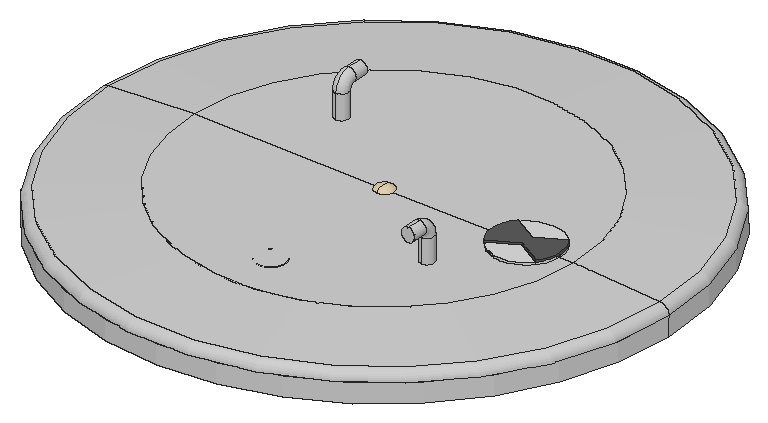
Revit family "Lifelight Pro Recessed Emergency_Hosted_R16", category Lighting Fixtures, host Face, Revit 2016
Family settings
  Host = Face
  Part Type = Normal
  Round Connector Dimension = Use Diameter
  Cut with Voids When Loaded = No
  Light Source = Yes
  Shared = No
  Room Calculation Point = No
Parameters (values of type "ZLIFE-PRO-DATA")
  Zoneworks Node = "P/N: 8001455, Zoneworks DATA Node"
  Wattage = 4 W
  built-in parameter 1150110 = 1 (stored number, unit not read)
  built-in parameter 1114217 = 1 (stored number, unit not read)
  Tilt Angle = -90.00°
  Testing System = "Zoneworks DATA Testing"
  built-in parameter 1150109 = 1 (stored number, unit not read)
  built-in parameter 1150134 = 3
  built-in parameter 1150113 = 1 (stored number, unit not read)
  Square Head = not(Round Head)  # no
  Round Head = yes
  Power Consumption = 2.1 W
  Photometric Web File = "LIFELIGHT PRO.ies"
  Operating Voltage = 240 V
  Operating Temperature = "0C to 40C (Ambient)"
  Operating Mode = "Non-Maintained"
  Mounting = "Recessed"
  Model = "ZLIFE-PRO-SMS"
  Manufacturer = "Clevertronics"
  built-in parameter 1150105 = 17.507 (stored number, unit not read)
  Lumens = 220 lm
  built-in parameter 1150115 = 1 (stored number, unit not read)
  built-in parameter 1150137 = (empty or 0)
  built-in parameter 1150139 = (empty or 0)
  Length = 60 mm
  built-in parameter 1150112 = 1 (stored number, unit not read)
  built-in parameter 1150114 = 1 (stored number, unit not read)
  Lamp = "2 x 3W LED (Lifetime warranty on the lamp head and loom assembly) No dome cover required"
  Inverter Board = "P/N: 8002070, PCA Zoneworks Compatible"
  built-in parameter 1150132 = (empty or 0)
  built-in parameter 1150102 = (empty or 0)
  built-in parameter 1150107 = 3200 (stored number, unit not read)
  built-in parameter 1150138 = (empty or 0)
  built-in parameter 1150106 = 0.17507 (stored number, unit not read)
  built-in parameter 1150104 = 5.1097 (stored number, unit not read)
  Dimming Lamp Color Temperature Shift = <None>
  Diffuser = "N/A"
  Description = "Lifelight Pro, High Performance, Recessed Emergency Light"
  Default Elevation = 1219.2 mm
  Content Disclaimer = ""
  Colour = Plastic - Polycarbonate - White
  Color Filter = 16777215
  Charging Method = "Dual-rate "
  Battery = "P/N: 1510170, 4 C Cell NiCad Battery Pk. 4.8V 1.8 Ah"
  built-in parameter 1114218 = 1 (stored number, unit not read)
  Ballast = "Electronic"
  built-in parameter 1150133 = 10 (stored number, unit not read)
  Apparent Load = 2.1 W
  Adaptor Plate [instance] = Lifelight Pro Adaptor Ring : None
  AS2293 = "C0=D63, C90=D63"
Types (16, lengths in mm): name | Zoneworks Node | Testing System | Power Consumption | Operating Temperature | Inverter Board | Charging Method | Battery
  (no name) | "P/N: 8001455, Zoneworks DATA Node" | "Zoneworks DATA Testing" | 2.1 W | "0C to 40C (Ambient)" | "P/N: 8002070, PCA Zoneworks Compatible" | "Dual-rate " | "P/N: 1510170, 4 C Cell NiCad Battery Pk. 4.8V 1.8 Ah"
  ZLIFE-PRO | "P/N: 8001450, Zoneworks Powerline Node" | "Zoneworks Computerised Testing " | 2.1 W | "0C to 40C (Ambient)" | "P/N: 8002070, PCA Zoneworks Compatible" | "Dual-rate " | "P/N: 1510170, 4 C Cell NiCad Battery Pk. 4.8V 1.8 Ah"
  CLIFE-PRO-ZW | "P/N: 8001450, Zoneworks Powerline Node" | "Zoneworks Computerised Testing " | 0.7 W | "1C to 40C (Ambient)" | "P/N: 8002390, PCA Zoneworks Compatible" | "Intelligent current limited constant current" | "P/N: 1550230, 3.2V 6400mAh, 200mm Lead"
  CLIFE-PRO-CT | "P/N: 8001750, Clevertest Node" | "Clevertest" | 0.7 W | "1C to 40C (Ambient)" | "P/N: 8002390, PCA Zoneworks Compatible" | "Intelligent current limited constant current" | "P/N: 1550230, 3.2V 6400mAh, 200mm Lead"
  CLIFE-PRO-DATA | "P/N: 8001455, Zoneworks DATA Node" | "Zoneworks DATA Testing" | 0.7 W | "1C to 40C (Ambient)" | "P/N: 8002390, PCA Zoneworks Compatible" | "Intelligent current limited constant current" | "P/N: 1550230, 3.2V 6400mAh, 200mm Lead"
  CLIFE-PRO-DALI | "P/N: 8002200, DALI Node" | "DALI Compatible Testing" | 0.7 W | "1C to 40C (Ambient)" | "P/N: 8002390, PCA Zoneworks Compatible" | "Intelligent current limited constant current" | "P/N: 1550230, 3.2V 6400mAh, 200mm Lead"
  CLIFE-PRO | "" | "Manual Test Switch" | 0.4 W | "1C to 40C (Ambient)" | "P/N: 8002390, PCA Zoneworks Compatible" | "Intelligent current limited constant current" | "P/N: 1550230, 3.2V 6400mAh, 200mm Lead"
  LLIFE-PRO | "" | "Manual Test Switch" | 0.4 W | "1C to 40C (Ambient)" | "P/N: 8002390, PCA Zoneworks Compatible" | "Intelligent current limited constant current" | "P/N: 1530230, 3.3V 5000mAh, 200mm Lead"
  LLIFE-PRO-CT | "P/N: 8001750, Clevertest Node" | "Clevertest" | 0.7 W | "1C to 40C (Ambient)" | "P/N: 8002390, PCA Zoneworks Compatible" | "Intelligent current limited constant current" | "P/N: 1530230, 3.3V 5000mAh, 200mm Lead"
  LLIFE-PRO-DALI | "P/N: 8002200, DALI Node" | "DALI Compatible Testing" | 0.7 W | "1C to 40C (Ambient)" | "P/N: 8002390, PCA Zoneworks Compatible" | "Intelligent current limited constant current" | "P/N: 1530230, 3.3V 5000mAh, 200mm Lead"
  LLIFE-PRO-DATA | "P/N: 8001455, Zoneworks DATA Node" | "Zoneworks DATA Testing" | 0.7 W | "1C to 40C (Ambient)" | "P/N: 8002390, PCA Zoneworks Compatible" | "Intelligent current limited constant current" | "P/N: 1530230, 3.3V 5000mAh, 200mm Lead"
  LLIFE-PRO-ZW | "P/N: 8001450, Zoneworks Powerline Node" | "Zoneworks Computerised Testing " | 0.7 W | "1C to 40C (Ambient)" | "P/N: 8002390, PCA Zoneworks Compatible" | "Intelligent current limited constant current" | "P/N: 1530230, 3.3V 5000mAh, 200mm Lead"
  DLIFE-PRO | "P/N: 8001730, Clevertest Node" | "Clevertest" | 2.1 W | "0C to 40C (Ambient)" | "P/N: 8002070, PCA Zoneworks Compatible" | "Dual-rate " | "P/N: 1510170, 4 C Cell NiCad Battery Pk. 4.8V 1.8 Ah"
  PLIFE-PRO | "" | "Manual Test Switch" | 1.8 W | "0C to 40C (Ambient)" | "P/N: 8002070, PCA Zoneworks Compatible" | "Dual-rate " | "P/N: 1510170, 4 C Cell NiCad Battery Pk. 4.8V 1.8 Ah"
  ZLIFE-PRO-DATA | "P/N: 8001455, Zoneworks DATA Node" | "Zoneworks DATA Testing" | 2.1 W | "0C to 40C (Ambient)" | "P/N: 8002070, PCA Zoneworks Compatible" | "Dual-rate " | "P/N: 1510170, 4 C Cell NiCad Battery Pk. 4.8V 1.8 Ah"
  ZLIFE-PRO-DALI | "P/N: 8002200, Zoneworks DALI Node" | "Zoneworks DATA Testing" | 2.1 W | "0C to 40C (Ambient)" | "P/N: 8002070, PCA Zoneworks Compatible" | "Dual-rate " | "P/N: 1510170, 4 C Cell NiCad Battery Pk. 4.8V 1.8 Ah"
Reference planes
  plane 1 "Center (Front/Back)": y = 0
  plane 2: z = 0
  plane 3 "Center (Left/Right)": x = 0
  plane 4 "Pins": through (0.022, 0.026, 1219.2) normal (-0.5736, -0.8192, 0)
  plane 5: z = 3.5
  plane 6: x = 30
  plane 7: x = 47
  plane 8: z = 3.7
  plane 9: z = 3.9
  plane 10: x = -30
  plane 11: x = 30
  plane 12: z = 3
  plane 13: x = -28.5
  plane 14: x = 28.5
  plane 15: z = -1.5
  plane 16: y = 7.5
  plane 17: y = -7.5
  plane 18: x = -30
  plane 19: y = 30
  plane 20: y = -30
  plane 21: z = 1.75
  plane 22: z = 2.625
Forms (mm)
  Revolve 1, solid, material "Plastic - Polycarbonate - White" <- "Colour", visible <- "Round Head", detail levels fine
    sketch origin (0, 0, 55) x (1, 0, 0) y (0, 0, 1)
      loop
        line (20, -51.5) -> (0, -51.5) -> (0, -55) -> (30, -55) -> (30, -53.047)
        arc (30, -53.047) -> (29.728, -52.361) -> (29.06, -52.048) r 1
        line (29.06, -52.048) -> (20, -51.5)
      axis (0, -51.5) -> (0, -55)
    angle from 0 to 360
  Extrusion 2, solid, material "Plastic - Polycarbonate - Ivory", visible <- "Round Head", detail levels fine
    sketch origin (0, 0, 55) x (1, 0, 0) y (0, 1, 0)
      loop
        circle (0, -15) r 1.5
    from -52 to -51.5
  Revolve 3, solid, material "Plastic - Polycarbonate - Ivory", visible <- "Round Head", detail levels fine
    sketch origin (0, 0, 55) x (0, 1, 0) y (0, 0, 1)
      loop
        line (0, -52) -> (0, -51.15)
        arc (0, -51.15) -> (-0.778, -51.349) -> (-1.25, -52) r 1.183
        line (-1.25, -52) -> (0, -52)
      axis (0, -51.15) -> (0, -52.15)
    angle from 0 to 360
  Extrusion 4, solid, material "Plastic - Polycarbonate - Grey", visible <- "Round Head", detail levels fine
    sketch origin (-5, 0, 55) x (1, 0, 0) y (0, 1, 0)
      loop
        circle (20, 0) r 3.5
    from -51.5 to -51.3
  Extrusion 5, solid, material "Plastic - Polycarbonate - Black", visible <- "Round Head", detail levels fine
    sketch origin (-5, 0, 55) x (1, 0, 0) y (0, 1, 0)
      loop
        line (20, 0.648) -> (17.289, 2.214)
        arc (17.289, 2.214) -> (16.5, 0) -> (17.289, -2.214) r 3.5
        line (17.289, -2.214) -> (20, -0.648) -> (22.711, -2.214)
        arc (22.711, -2.214) -> (23.5, 0) -> (22.711, 2.214) r 3.5
        line (22.711, 2.214) -> (20, 0.648)
    from -51.3 to -51.1
  Sweep 6, solid, material "Plastic - Polycarbonate - White", visible <- "Round Head", detail levels fine
    path origin (-10.321, -5.355, 55) x (0, -1, 0) y (0, 0, -1)
      loop
        line (-12.619, 51.5) -> (-12.619, 49)
        arc (-12.619, 49) -> (-12.912, 48.293) -> (-13.619, 48) r 1
        line (-13.619, 48) -> (-15.119, 48)
    profile origin (-10.321, 7.264, 4.75) x (0, -1, 0) y (1, 0, 0)
      loop
        circle (0, 0) r 0.7
  Sweep 7, solid, material "Plastic - Polycarbonate - White", visible <- "Round Head", detail levels fine
    path origin (10.229, 5.377, 55) x (0, 1, 0) y (0, 0, -1)
      loop
        line (-12.619, 51.5) -> (-12.619, 49)
        arc (-12.619, 49) -> (-12.912, 48.293) -> (-13.619, 48) r 1
        line (-13.619, 48) -> (-15.119, 48)
    profile origin (10.229, -7.242, 4.75) x (0, 1, 0) y (-1, 0, 0)
      loop
        circle (0, -0.067) r 0.7
  Extrusion 8, solid, material "Plastic - Polycarbonate - White" <- "Colour", visible <- "Square Head", detail levels fine
    sketch origin (0, 0, 0) x (1, 0, 0) y (0, 1, 0)
      loop
        line (-30, 30) -> (-30, -30) -> (30, -30) -> (30, 30) -> (-30, 30)
      loop
        line (10, 7.5) -> (-10, 7.5) -> (-10, -7.5) -> (10, -7.5) -> (10, 7.5)
      loop
        line (-12, 0) -> (-12, 3.5) -> (-19, 3.5) -> (-19, -3.5) -> (-12, -3.5) -> (-12, 0)
      loop
        line (12, 0) -> (12, -3.5) -> (19, -3.5) -> (19, 3.5) -> (12, 3.5) -> (12, 0)
    from 1.75 to 3.5
  Extrusion 9, solid, material "Plastic - Polycarbonate - White" <- "Colour", visible <- "Square Head", detail levels fine
    sketch origin (0, 0, 0) x (1, 0, 0) y (0, 1, 0)
      loop
        line (-28.5, 28.5) -> (-28.5, -28.5) -> (28.5, -28.5) -> (28.5, 28.5) -> (-28.5, 28.5)
    from 0 to 1.75
  Extrusion 10, solid, material "Plastic - Polycarbonate - White" <- "Colour", visible <- "Square Head", detail levels fine
    sketch origin (0, 0, 0) x (1, 0, 0) y (0, 1, 0)
      loop
        circle (-4.014, 0) r 2.5
      loop
        circle (4.014, 0) r 2.5
      loop
        circle (15.5, 0) r 2.5
      loop
        circle (-15.5, 0) r 2.5
    from 1.75 to 2.625
Dimensions and locks
  locked: plane 3 "Center (Left/Right)" to plane 6 at 30
  locked: plane 7 to plane 3 "Center (Left/Right)" at 47
  plane 9 to plane 8 to plane 5 = 0.2 mm locked, 0.2 mm locked
  equal spacing: plane 10, plane 3 "Center (Left/Right)", plane 11
  "Length": plane 10 to plane 11
  locked: plane 5 to plane 12 at 0.5
  locked: plane 10 to plane 13 at 1.5
  locked: plane 14 to plane 11 at 1.5
  locked: plane 16 to plane 1 "Center (Front/Back)" at 7.5
  locked: plane 1 "Center (Front/Back)" to plane 17 at 7.5
  equal spacing: plane 18, plane 3 "Center (Left/Right)", plane 6
  equal spacing: plane 19, plane 1 "Center (Front/Back)", plane 20
  imposter light to plane 21 = 1.75 mm
  locked: plane 19 to Extrusion 9 sketch curve at 1.5
  locked: Extrusion 9 sketch curve to plane 6 at 1.5
  locked: plane 20 to Extrusion 9 sketch curve at 1.5
  locked: plane 18 to Extrusion 9 sketch curve at 1.5
  equal spacing: plane 5, plane 22, plane 21
  aligned and locked: plane 2 to host face
  aligned and locked: level to host face
  aligned and locked: plane 3 "Center (Left/Right)" to nested 1
  aligned and locked: plane 1 "Center (Front/Back)" to nested 1
  aligned and locked: Extrusion 2 to plane 5
  aligned and locked: plane 5 to Extrusion 4
  aligned: plane 8 to Extrusion 4
  aligned and locked: plane 8 to Extrusion 4
  aligned and locked: Extrusion 5 to plane 8
  aligned and locked: plane 9 to Extrusion 5
  aligned and locked: Revolve 1 sketch curve to plane 5
  aligned and locked: Revolve 1 sketch curve to plane 3 "Center (Left/Right)"  (x2)
  aligned and locked: imposter light to plane 5
  aligned and locked: plane 18 to Extrusion 8 sketch curve
  aligned and locked: Extrusion 8 sketch curve to plane 19
  aligned and locked: plane 20 to Extrusion 8 sketch curve
  aligned and locked: plane 6 to Extrusion 8 sketch curve
  aligned and locked: Extrusion 8 to plane 5
  aligned and locked: Extrusion 8 to plane 21
  aligned: Extrusion 9 to plane 15
  aligned and locked: plane 21 to Extrusion 9
  aligned and locked: Extrusion 10 to plane 21
  aligned and locked: plane 22 to Extrusion 10
  aligned and locked: Extrusion 2 to plane 12
  aligned and locked: plane 11 to Revolve 1 sketch curve  (x2)
  aligned and locked: plane 1 "Center (Front/Back)" to nested 2
  aligned and locked: plane 3 "Center (Left/Right)" to nested 2
Automatic sketch dimensions
  host sketch curve to host sketch curve = 2438.4 mm  (x2)
  Extrusion 2 sketch curve to plane 3 "Center (Left/Right)" = 0 mm
  Extrusion 2 sketch curve to plane 17 = 7.5 mm
  Revolve 3 sketch curve to plane 12 = 0 mm
  Revolve 3 sketch curve to plane 1 "Center (Front/Back)" = 0 mm  (x2)
  plane 1 "Center (Front/Back)" to Revolve 3 sketch curve = 0.113 mm
  Revolve 3 sketch curve to Revolve 3 sketch curve = 1.137 mm
  Revolve 3 sketch curve to plane 12 = 0.327 mm
  plane 9 to Revolve 3 sketch curve = 0.964 mm
  Revolve 3 sketch curve to Revolve 3 sketch curve = 1.815 mm
  plane 1 "Center (Front/Back)" to Extrusion 4 sketch curve = 0 mm
  plane 3 "Center (Left/Right)" to Extrusion 4 sketch curve = 15 mm
  Extrusion 5 sketch curve to Extrusion 5 sketch curve = 0 mm  (x4)
  plane 1 "Center (Front/Back)" to Extrusion 5 sketch curve = 0 mm
  Extrusion 5 sketch curve to plane 1 "Center (Front/Back)" = 2.214 mm  (x2)
  plane 3 "Center (Left/Right)" to Extrusion 5 sketch curve = 12.289 mm
  plane 1 "Center (Front/Back)" to Extrusion 5 sketch curve = 2.214 mm  (x2)
  Extrusion 5 sketch curve to Extrusion 5 sketch curve = 2.711 mm  (x2)
  plane 1 "Center (Front/Back)" to Extrusion 5 sketch curve = 0.648 mm
  Extrusion 5 sketch curve to plane 1 "Center (Front/Back)" = 0.648 mm
  plane 5 to Sweep 6 sketch curve = 0 mm
  Sweep 6 sketch curve to plane 16 = 2.264 mm
  Sweep 6 sketch curve to plane 16 = 0.764 mm
  plane 16 to Sweep 6 sketch curve = 0.236 mm
  plane 9 to Sweep 6 sketch curve = 2.1 mm
  Sweep 6 sketch curve to profile plane = 0 mm  (x2)
  plane 5 to Sweep 7 sketch curve = 0 mm
  Sweep 7 sketch curve to plane 17 = 2.242 mm
  Sweep 7 sketch curve to plane 17 = 0.742 mm
  plane 17 to Sweep 7 sketch curve = 0.258 mm
  plane 9 to Sweep 7 sketch curve = 2.1 mm
  profile plane to Sweep 7 sketch curve = 0 mm
  Sweep 7 sketch curve to profile plane = 0.067 mm
  plane 1 "Center (Front/Back)" to Extrusion 8 sketch curve = 0 mm  (x2)
  Extrusion 8 sketch curve to plane 17 = 0 mm
  plane 16 to Extrusion 8 sketch curve = 0 mm
  plane 1 "Center (Front/Back)" to Extrusion 8 sketch curve = 3.5 mm  (x2)
  plane 18 to Extrusion 8 sketch curve = 11 mm
  Extrusion 8 sketch curve to Extrusion 8 sketch curve = 2 mm  (x2)
  Extrusion 8 sketch curve to plane 1 "Center (Front/Back)" = 3.5 mm
  Extrusion 8 sketch curve to Extrusion 8 sketch curve = 3.5 mm
  Extrusion 8 sketch curve to Extrusion 8 sketch curve = 7 mm  (x2)
  plane 3 "Center (Left/Right)" to Extrusion 8 sketch curve = 10 mm
  plane 1 "Center (Front/Back)" to Extrusion 10 sketch curve = 0 mm  (x4)
  plane 18 to Extrusion 10 sketch curve = 14.5 mm
  Extrusion 10 sketch curve to plane 3 "Center (Left/Right)" = 4.014 mm
  plane 3 "Center (Left/Right)" to Extrusion 10 sketch curve = 4.014 mm
  Extrusion 10 sketch curve to Extrusion 10 sketch curve = 11.486 mm
  Revolve 1 sketch curve to level = 0 mm
  plane 14 to Revolve 1 sketch curve = 8.5 mm
  plane 21 to Revolve 1 sketch curve = 0.203 mm
  Revolve 1 sketch curve to plane 14 = 0.5 mm
  Revolve 1 sketch curve to plane 12 = 0.048 mm
  plane 9 to Revolve 1 sketch curve = 4.883 mm
  Revolve 1 sketch curve to Revolve 1 sketch curve = 4.656 mm
  radius of Extrusion 2 sketch curve = 1.5 mm
  radius of Extrusion 4 sketch curve = 3.5 mm
  radius of Sweep 6 sketch curve = 0.7 mm
  radius of Sweep 7 sketch curve = 0.7 mm
  radius of Extrusion 10 sketch curve = 2.5 mm  (x4)
Nested families
  nested 1: "Emergency_Annotation" at (0, 0, 0), type "Standard", detail levels coarse+medium
  nested 2: "Lifelight Pro Adaptor Ring" at (0, 0, 0), type <- "Adaptor Plate", type "None", detail levels fine
Connectors
  electrical at (0, 0, 0), driven by "Power Consumption", driven by "Operating Voltage"
    settings: index 1, voltage 240 V, apparent load 0 W, apparent load phase1 2.1 W, apparent load phase2 0 W, apparent load phase3 0 W, power factor 1, load classification "Lighting", number of poles 1, system type 31, power factor state 1, is connector primary yes, connector utility no, sub classification motor no, connector description ""
Definition of nested family "Emergency_Annotation"
  Reference planes
    plane 1: y = 0
    plane 2: x = 0
  Lines and regions (mm)
    Masking region 1
      outline origin (0, 0, 0) x (1, 0, 0) y (0, 1, 0)
        loop
          line (0, 0) -> (1.061, 1.061)
          arc (1.061, 1.061) -> (0, 1.5) -> (-1.061, 1.061) r 1.5
          line (-1.061, 1.061) -> (0, 0)
    Masking region 2
      outline origin (0, 0, 0) x (0, -1, 0) y (1, 0, 0)
        loop
          line (0, 0) -> (1.061, -1.061)
          arc (1.061, -1.061) -> (1.5, 0) -> (1.061, 1.061) r 1.5
          line (1.061, 1.061) -> (0, 0)
    Filled region 1, type "Filled region 1"
      outline origin (0, 0, 0) x (1, 0, 0) y (0, 1, 0)
        loop
          arc (-1.061, 1.061) -> (-1.5, 0) -> (-1.061, -1.061) r 1.5
          line (-1.061, -1.061) -> (0, 0) -> (-1.061, 1.061)
    Filled region 2, type "Filled region 1"
      outline origin (0, 0, 0) x (0, 1, 0) y (-1, 0, 0)
        loop
          line (1.061, -1.061) -> (0, 0) -> (-1.061, -1.061)
          arc (-1.061, -1.061) -> (0, -1.5) -> (1.061, -1.061) r 1.5
  Dimensions and locks
    aligned and locked: plane 1 to Masking region 2 sketch curve
    aligned and locked: plane 2 to Masking region 2 sketch curve
    aligned and locked: plane 1 to Masking region 1 sketch curve
    aligned and locked: plane 2 to Masking region 1 sketch curve
    aligned and locked: plane 2 to Filled region 1 sketch curve
    aligned and locked: plane 1 to Filled region 1 sketch curve
    aligned and locked: plane 2 to Filled region 2 sketch curve
Definition of nested family "Lifelight Pro Adaptor Ring"
  Parameters
    Visibility = no
    Model = "LifeLIGHT PRO"
    Manufacturer = "Clevertronics"
    Description = "Lifelight Pro Adaptor Ring for retro-fitting into hole cut outs"
    Default Elevation = 1219.2 mm
    Cut-out Length = 47.5 mm
    Content Disclaimer = ""
    Colour = none
    Assembly Code = ""
  Reference planes
    plane 1 "Center (Front/Back)": y = 0
    plane 2: z = 0
    plane 3 "Center (Left/Right)": x = 0
    plane 4: x = 47.5
  Forms (mm)
    Extrusion 1, solid
      sketch origin (0, 0, 0) x (1, 0, 0) y (0, 1, 0)
        loop
          line (-1219.2, 1219.2) -> (-1219.2, -1219.2) -> (1219.2, -1219.2) -> (1219.2, 1219.2) -> (-1219.2, 1219.2)
      from 0 to -304.8
    Revolve 2, solid, material <- "Colour", visible <- "Visibility", detail levels fine
      sketch origin (0, 0, 55) x (1, 0, 0) y (0, 0, 1)
        loop
          line (47.5, -55) -> (47.5, -53.92)
          arc (47.5, -53.92) -> (47.219, -53.225) -> (46.535, -52.92) r 1
          line (46.535, -52.92) -> (31.535, -52.117)
          arc (31.535, -52.117) -> (30.831, -52.373) -> (30.502, -53.047) r 1
          line (30.502, -53.047) -> (30.502, -53.847) -> (25.002, -53.847) -> (25.002, -57) -> (40, -57) -> (40, -55) -> (47.5, -55)
        axis (0, -52.117) -> (0, -57)
      angle from 0 to 360
  Dimensions and locks
    "Cut-out Length": plane 4 to plane 3 "Center (Left/Right)"
    locked: Revolve 2 sketch curve to Revolve 2 sketch curve at 5.5
    locked: Revolve 2 sketch curve to level at 1.153
    locked: level to Revolve 2 sketch curve at 2
    locked: Revolve 2 sketch curve to plane 4 at 7.5
    aligned and locked: plane 2 to Extrusion 1
    aligned and locked: level to Extrusion 1
    aligned and locked: Revolve 2 sketch curve to plane 3 "Center (Left/Right)"
    aligned and locked: Revolve 2 sketch curve to plane 4
    aligned and locked: level to Revolve 2 sketch curve
  Automatic sketch dimensions
    Extrusion 1 sketch curve to Extrusion 1 sketch curve = 2438.4 mm  (x2)
    Revolve 2 sketch curve to plane 4 = 22.498 mm
    Revolve 2 sketch curve to Revolve 2 sketch curve = 0.998 mm
    Revolve 2 sketch curve to Revolve 2 sketch curve = 0.035 mm
    Revolve 2 sketch curve to plane 4 = 1 mm
    Revolve 2 sketch curve to plane 4 = 0.965 mm
    level to Revolve 2 sketch curve = 1.08 mm
    Revolve 2 sketch curve to Revolve 2 sketch curve = 0.73 mm
    Revolve 2 sketch curve to Revolve 2 sketch curve = 0.8 mm
    level to Revolve 2 sketch curve = 8.783 mm
    Revolve 2 sketch curve to Revolve 2 sketch curve = 4.656 mm
  Connectors
    electrical at (0, 0, 0)
      settings: index 1, voltage 240 V, apparent load 0 W, apparent load phase1 2.1 W, apparent load phase2 0 W, apparent load phase3 0 W, power factor 1, load classification none, number of poles 1, system type 31, power factor state 1, is connector primary yes, connector utility no, sub classification motor no, connector description ""
